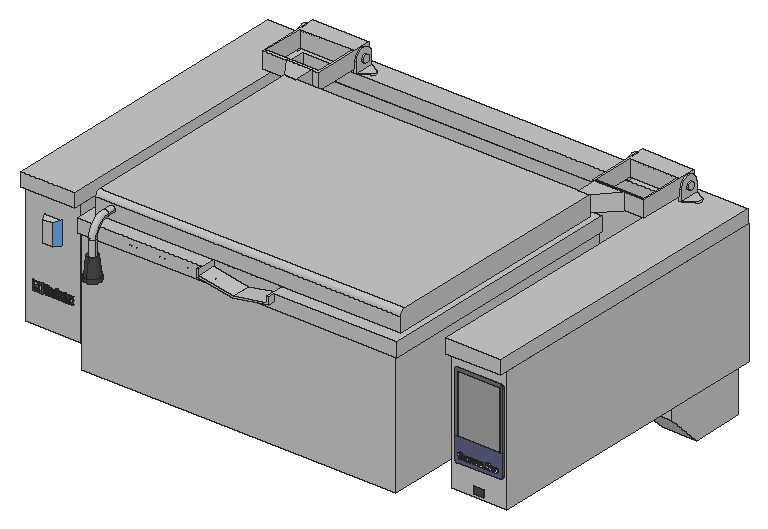
Revit family "QF_ELECTROLUXPROFESSIONAL_587129_PFET08EVIO", category Attrezzature speciali, Revit 2020
Family settings
  Quota connettore circolare = Usa diametro
  Tipo di parte = Normale
  Basato su piano di lavoro = No
  Sempre verticale = Sì
  Taglio con vuoti quando caricato = No
  Condiviso = No
  Punto di calcolo locali = No
Parameters (values of type "Standard")
  Weight = 240.00 kg
  Watts = 20600 W
  Volts = 440 V
  URL Manufacturer = "https://www.electroluxprofessional.com/"
  URL = "https://www.electroluxprofessional.com/"
  Steam Supply Size = 0 mm
  Steam Supply Minimum Pressure = 0.0 Pa
  Steam Supply Maximum Pressure = 0.0 Pa
  Steam Consumption per Hour = 0
  Refrigeration Suction Line Size = 0.0 mm
  Refrigeration Liquid Line Size = 0.0 mm
  Refrigerant Compressor Remote = yes
  Prospetto di default = 0.0 mm
  Produttore = "Electrolux Professional"
  Phase = 3
  Modello = "PFET08EVIO"
  Length Actual = 1400.0 mm  # constant formula
  Item Number = "587129"
  Hot Water Size = 12.7 mm
  Height Actual = 400.0 mm  # constant formula
  HP = "27.6 HP"
  Gas Size = 0 mm
  Gas KW = 0
  Gas Input Pressure = 0 W
  Direct Waste Size = 0 mm
  Descrizione = "ELECTRIC TILTING BRAISING PAN, 80LT,440V,WALL,MARINE"
  Depth Actual = 900.0 mm  # constant formula
  Cycle = 50 Hz
  Condensate Return Size = 0 mm
  Compressed Air Volume = 0.0 L/s
  Compressed Air Size = 0 mm
  Compressed Air Pressure = 0.0 Pa
  Cold Water Size = 12.7 mm
  Accessory = yes
Reference planes
  plane 1 "Center (Front/Back)": y = 0
  plane 2: z = 0
  plane 3 "Center (Left/Right)": x = 0
  plane 4 "LEFT": x = -700
  plane 5 "RIGHT": x = 700
  plane 6 "BACK": y = 450
  plane 7 "FRONT": y = -450
  plane 8 "Base": z = 200
  plane 9 "TOP": z = 900
  plane 10: x = -540
  plane 11: x = 540
  plane 12 "Axe_PentolaY": y = -230
  plane 13 "AxePentolaZ": z = 730
  plane 14 "PLANE_TOP": z = 860
  plane 15: y = 380
  plane 16: z = 833
  plane 17: z = 502
  plane 18: z = 340
  plane 19: y = -552
  plane 20 "CentroPentolaY": y = -158
  plane 21 "TopCoperchio": z = 958
  plane 22 "Versamento": z = 910
  plane 23 "V1": through (-107.18, -558, 4000) normal (-0.7071, -0.7071, 0)
  plane 24 "V2": through (107.18, -558, 4000) normal (-0.7071, 0.7071, 0)
  plane 25 "Gfront": y = -1300
  plane 26 "LEVEL": through (-245.562, -289.383, 4000) normal (0.866, 0.5, 0)
  plane 27 "GRight": x = 250
  plane 28 "GLeft": x = -250
  plane 29 "Gback": y = -100
  plane 30: z = 1867
  plane 31 "Ribaltamento": y = -572
  plane 32 "AxeL": x = -620
  plane 33 "AxeR": x = 620
  plane 34 "Pentola_Back": y = 208
  plane 35 "Pentola_L": x = -457.5
  plane 36 "Pentola_R": x = 457.5
  plane 37: x = -397.5
  plane 38 "axeC1": x = -480
  plane 39 "axeC2": x = 480
Forms (mm)
  Revolve 1, solid, material "QF_Finishes_Stainless Steel"
    sketch origin (0, 0, 730) x (-1, 0, 0) y (0, -1, 0)
      loop
        line (540, 230) -> (-540, 230) -> (-540, 140) -> (-530, 140) -> (-530, 173) -> (530, 173) -> (530, 140) -> (540, 140) -> (540, 230)
      axis (540, 230) -> (-540, 230)
    angle from 0 to 360
  Extrusion 2, solid, material "QF_Finishes_Stainless Steel"
    sketch origin (0, 0, 860) x (-1, 0, 0) y (0, -1, 0)
      loop
        line (700, 450) -> (540, 450) -> (540, -380) -> (-540, -380) -> (-540, 450) -> (-700, 450) -> (-700, -450) -> (700, -450) -> (700, 450)
    from 0 to 40
  Extrusion 3, solid, material "QF_Finishes_Stainless Steel"
    sketch origin (0, 0, 860) x (-1, 0, 0) y (0, -1, 0)
      loop
        line (540, -380) -> (-540, -380) -> (-540, -450) -> (540, -450) -> (540, -380)
    from 0 to -360
  Extrusion 4, solid, material "QF_Finishes_Stainless Steel"
    sketch origin (-480, 0, 0) x (0, 1, 0) y (0, 0, 1)
      loop
        line (433.242, 900) -> (433.242, 931.379)
        arc (433.242, 931.379) -> (406.621, 958) -> (380, 931.379) r 26.621
        line (380, 931.379) -> (380, 900) -> (433.242, 900)
    from 88 to 95
  Extrusion 5, solid, material "QF_Finishes_Stainless Steel"
    sketch origin (-380, 0, 900) x (0, 1, 0) y (-1, 0, 0)
      loop
        line (380, 5) -> (395.936, -24.185)
        arc (395.936, -24.185) -> (406.621, -30.525) -> (417.305, -24.185) r 12.174
        line (417.305, -24.185) -> (433.242, 5) -> (380, 5)
      loop
        line (395.936, 211.185) -> (380, 182) -> (433.242, 182) -> (417.305, 211.185)
        arc (417.305, 211.185) -> (406.621, 217.525) -> (395.936, 211.185) r 12.174
    from 0 to 3
  Extrusion 6, solid, material "QF_Finishes_Stainless Steel"
    sketch origin (0, 0, 0) x (0, 1, 0) y (0, 0, 1)
      loop
        line (208, 860) -> (-529, 860) -> (-529, 502) -> (208, 502) -> (208, 860)
    from -457.5 to 457.5
  Extrusion 7, solid, material "QF_Finishes_Stainless Steel"
    sketch origin (0, 0, 0) x (0, 1, 0) y (0, 0, 1)
      loop
        line (214, 860) -> (214, 900) -> (-535, 900) -> (-535, 860) -> (214, 860)
    from -463.5 to 463.5
  Extrusion 8, void
    sketch origin (0, -450, 0) x (-1, 0, 0) y (0, 0, 1)
      loop
        line (-100, 900) -> (-100, 883.556) -> (0, 865.085) -> (100, 883.556) -> (100, 900) -> (-100, 900)
    from -85 to -45
  Extrusion 9, solid, material "QF_Finishes_Stainless Steel"
    sketch origin (0, 0, 0) x (0, 1, 0) y (0, 0, 1)
      loop
        line (194, 958) -> (-480, 958)
        arc (-480, 958) -> (-490.607, 953.607) -> (-495, 943) r 15
        line (-495, 943) -> (-495, 900) -> (194, 900) -> (194, 958)
    from -443.5 to 443.5
  Extrusion 10, solid, material "QF_Finishes_Stainless Steel"
    sketch origin (0, -450, 0) x (-1, 0, 0) y (0, 0, 1)
      loop
        line (100, 883.556) -> (0, 865.085) -> (-100, 883.556) -> (-100, 900) -> (-105, 900) -> (-105, 879.395) -> (0, 860) -> (105, 879.395) -> (105, 900) -> (100, 900) -> (100, 883.556)
    from -102 to -79
  Extrusion 11, solid, material "QF_Finishes_Stainless Steel"
    sketch origin (-480, 0, 0) x (0, 1, 0) y (0, 0, 1)
      loop
        line (433.242, 900) -> (433.242, 931.379)
        arc (433.242, 931.379) -> (406.621, 958) -> (380, 931.379) r 26.621
        line (380, 931.379) -> (380, 900) -> (433.242, 900)
    from -82 to -75
  Extrusion 12, solid, material "QF_Finishes_Stainless Steel"
    sketch origin (0, 0, 900) x (0, 1, 0) y (-1, 0, 0)
      loop
        line (433.242, 392) -> (433.242, 555) -> (252, 555) -> (252, 392) -> (433.242, 392)
      loop
        line (257, 550) -> (257, 397) -> (380, 397) -> (380, 550) -> (257, 550)
    from 10 to 58
  Extrusion 13, solid, material "QF_Finishes_Stainless Steel"
    sketch origin (-480, 0, 0) x (0, 1, 0) y (0, 0, 1)
      loop
        circle (406.621, 931.379) r 10
    from 95 to 102.877
  Extrusion 14, solid, material "QF_Finishes_Stainless Steel"
    sketch origin (-480, 0, 0) x (0, 1, 0) y (0, 0, 1)
      loop
        circle (406.621, 931.379) r 10
    from -82 to -89
  Extrusion 15, solid, material "QF_Finishes_Stainless Steel"
    sketch origin (480, 0, 900) x (0, 1, 0) y (-1, 0, 0)
      loop
        arc (395.936, -111.185) -> (406.621, -117.525) -> (417.305, -111.185) r 12.174
        line (417.305, -111.185) -> (433.242, -82) -> (380, -82) -> (395.936, -111.185)
      loop
        line (395.936, 111.185) -> (380, 82) -> (433.242, 82) -> (417.305, 111.185)
        arc (417.305, 111.185) -> (406.621, 117.525) -> (395.936, 111.185) r 12.174
    from 0 to 3
  Extrusion 16, solid, material "QF_Finishes_Stainless Steel"
    sketch origin (480, 0, 0) x (0, 1, 0) y (0, 0, 1)
      loop
        circle (406.621, 931.379) r 10
    from 82 to 89
  Extrusion 17, solid, material "QF_Finishes_Stainless Steel"
    sketch origin (480, 0, 0) x (0, 1, 0) y (0, 0, 1)
      loop
        circle (406.621, 931.379) r 10
    from -82 to -89
  Extrusion 18, solid, material "QF_Finishes_Stainless Steel"
    sketch origin (0, 0, 900) x (0, 1, 0) y (-1, 0, 0)
      loop
        line (433.242, -405) -> (252, -405) -> (252, -555) -> (433.242, -555) -> (433.242, -405)
      loop
        line (257, -550) -> (380, -550) -> (380, -410) -> (257, -410) -> (257, -550)
    from 10 to 58
  Extrusion 19, solid, material "QF_Finishes_Stainless Steel"
    sketch origin (480, 0, 0) x (0, 1, 0) y (0, 0, 1)
      loop
        line (433.242, 900) -> (433.242, 931.379)
        arc (433.242, 931.379) -> (406.621, 958) -> (380, 931.379) r 26.621
        line (380, 931.379) -> (380, 900) -> (433.242, 900)
    from 75 to 82
  Extrusion 20, solid, material "QF_Finishes_Stainless Steel"
    sketch origin (480, 0, 0) x (0, 1, 0) y (0, 0, 1)
      loop
        line (433.242, 900) -> (433.242, 931.379)
        arc (433.242, 931.379) -> (406.621, 958) -> (380, 931.379) r 26.621
        line (380, 931.379) -> (380, 900) -> (433.242, 900)
    from -82 to -75
  Extrusion 21, solid, material "QF_Finishes_Stainless Steel"
    sketch origin (0, 0, 900) x (0, 1, 0) y (-1, 0, 0)
      loop
        line (252, 412.5) -> (252, 484.112) -> (194, 443.5) -> (194, 412.5) -> (252, 412.5)
      loop
        line (252, -412.5) -> (194, -412.5) -> (194, -443.5) -> (252, -497.112) -> (252, -412.5)
    from 10 to 58
  Extrusion 22, solid, material "QF_Door-Drawer Clearances", detail levels coarse
    sketch origin (0, 43.989, -0.088) x (0, 1, 0) y (0, 0, 1)
      loop
        arc (-592.39, 847.898) -> (-615.226, 709.247) -> (-572.989, 575.225) r 302.677
        line (-572.989, 575.225) -> (-572.989, 847.898) -> (-592.39, 847.898)
      loop
        line (376.001, 958) -> (148.958, 1805.334) -> (134.47, 1801.451) -> (130.784, 1815.206)
        arc (130.784, 1815.206) -> (105.783, 1852.623) -> (63.169, 1867.088) r 70
        arc (63.169, 1867.088) -> (-375.163, 1494.534) -> (-538.989, 943.088) r 1010.009
        arc (-538.989, 943.088) -> (-535.155, 953.104) -> (-525.613, 958) r 15
        line (-525.613, 958) -> (376.001, 958)
    from 105 to -105
Cuts and joins
  Extrusion 8 cuts Extrusion 7
  joined: Extrusion 7, Extrusion 10
Lines and regions (mm)
  symbolic lines
    curve 1: line (700, 450, 900) -> (-700, 450, 900)
    curve 2: line (700, -450, 900) -> (700, 450, 900)
    curve 3: line (-700, 450, 900) -> (-700, -450, 900)
    curve 4: line (-700, -450, 900) -> (-540, -450, 900)
    curve 5: line (-540, -450, 900) -> (-540, 252, 900)
    curve 6: line (540, -450, 900) -> (700, -450, 900)
    curve 7: line (530, -140, 900) -> (530, -320, 900)
    curve 8: line (-530, -140, 900) -> (-530, -320, 900)
    curve 9: line (-530, -140, 900) -> (-540, -140, 900)
    curve 10: line (-530, -320, 900) -> (-540, -320, 900)
    curve 11: line (530, -140, 900) -> (540, -140, 900)
    curve 12: line (530, -320, 900) -> (540, -320, 900)
    curve 18: line (562, 380, 900) -> (555, 380, 900)
    curve 19: line (-530, -172.761, 900) -> (-462.169, -172.761, 900)
    curve 20: line (-530, -286.868, 900) -> (-463.5, -286.868, 900)
    curve 21: line (530, -172.761, 900) -> (463.5, -172.761, 900)
    curve 22: line (530, -286.868, 900) -> (463.5, -286.868, 900)
    curve 45: line (-443.5, -495, 900) -> (443.5, -495, 900)
    curve 49: line (-555, 252, 900) -> (-392, 252, 900)
    curve 50: line (-484.112, 252, 900) -> (-443.5, 194, 900)
    curve 51: line (-397.5, 194, 900) -> (-397.5, 214, 900)
    curve 52: line (-392, 252, 900) -> (-392, 433.242, 900)
    curve 53: line (-397, 257, 900) -> (-550, 257, 900)
    curve 54: line (-555, 433.242, 900) -> (-555, 252, 900)
    curve 55: line (-550, 257, 900) -> (-550, 380, 900)
    curve 56: line (-397, 380, 900) -> (-397, 257, 900)
    curve 57: line (-385, 380, 900) -> (-385, 433.242, 900)
    curve 58: line (-385, 433.242, 900) -> (-562, 433.242, 900)
    curve 59: line (-569, 416.621, 900) -> (-569, 396.621, 900)
    curve 60: line (-591.185, 395.936, 900) -> (-562, 380, 900)
    curve 61: arc (-591.185, 417.305, 900) -> (-597.525, 406.621, 900) -> (-591.185, 395.936, 900) r 12.174
    curve 62: line (-562, 433.242, 900) -> (-591.185, 417.305, 900)
    curve 63: line (-562, 433.242, 900) -> (-562, 380, 900)
    curve 64: arc (591.185, 395.936, 900) -> (597.525, 406.621, 900) -> (591.185, 417.305, 900) r 12.174
    curve 65: line (562, 380, 900) -> (591.185, 395.936, 900)
    curve 66: line (591.185, 417.305, 900) -> (562, 433.242, 900)
    curve 67: line (562, 380, 900) -> (562, 433.242, 900)
    curve 68: line (569, 396.621, 900) -> (569, 416.621, 900)
    curve 69: line (555, 252, 900) -> (555, 380, 900)
    curve 70: line (550, 380, 900) -> (550, 257, 900)
    curve 71: line (410, 257, 900) -> (410, 380, 900)
    curve 72: line (405, 433.242, 900) -> (405, 380, 900)
    curve 73: line (550, 257, 900) -> (410, 257, 900)
    curve 74: line (555, 252, 900) -> (405, 252, 900)
    curve 75: line (368.815, 395.936, 900) -> (398, 380, 900)
    curve 76: line (398, 433.242, 900) -> (368.815, 417.305, 900)
    curve 77: arc (368.815, 417.305, 900) -> (362.475, 406.621, 900) -> (368.815, 395.936, 900) r 12.174
    curve 78: line (391, 416.621, 900) -> (391, 396.621, 900)
    curve 79: line (398, 433.242, 900) -> (398, 380, 900)
    curve 80: line (443.5, 194, 900) -> (497.112, 252, 900)
    curve 81: line (-412.5, 194, 900) -> (-412.5, 252, 900)
    curve 82: line (-457.504, 214, 900) -> (-463.5, 214, 900)
    curve 83: line (412.5, 214, 900) -> (-412.5, 214, 900)
    curve 84: line (-569, 416.621, 900) -> (-562, 416.621, 900)
    curve 85: line (-569, 396.621, 900) -> (-562, 396.621, 900)
    curve 86: line (-377.123, 416.621, 900) -> (-385, 416.621, 900)
    curve 87: line (-377.123, 396.621, 900) -> (-385, 396.621, 900)
    curve 88: line (391, 396.621, 900) -> (398, 396.621, 900)
    curve 89: line (391, 416.621, 900) -> (398, 416.621, 900)
    curve 90: line (569, 416.621, 900) -> (562, 416.621, 900)
    curve 91: line (569, 396.621, 900) -> (562, 396.621, 900)
    curve 92: line (398, 433.242, 900) -> (562, 433.242, 900)
    curve 93: line (-550, 380, 900) -> (-397, 380, 900)
    curve 94: line (405, 380, 900) -> (405, 252, 900)
    curve 95: line (405, 380, 900) -> (-392, 380, 900)
    curve 96: line (550, 380, 900) -> (410, 380, 900)
    curve 97: line (555, 380, 900) -> (555, 433.242, 900)
    curve 98: line (540, 252, 900) -> (540, -450, 900)
    curve 99: line (-562, 380, 900) -> (-555, 380, 900)
    curve 100: line (-377.123, 416.621, 900) -> (-377.123, 396.621, 900)
    curve 101: line (-385, 380, 900) -> (-355.815, 395.936, 900)
    curve 102: arc (-355.815, 395.936, 900) -> (-349.475, 406.621, 900) -> (-355.815, 417.305, 900) r 12.174
    curve 103: line (-355.815, 417.305, 900) -> (-385, 433.242, 900)
    curve 104: line (412.5, 194, 900) -> (412.5, 252, 900)
    curve 105: line (-463.5, 214, 900) -> (-463.5, -535, 900)
    curve 106: line (-463.5, -535, 900) -> (-406.5, -535, 900)
    curve 107: line (-388.5, -535, 900) -> (-105, -535, 900)
    curve 108: line (105, -535, 900) -> (463.5, -535, 900)
    curve 109: line (463.5, -535, 900) -> (463.5, 214, 900)
  symbolic lines, style "SpecialityEquipmentHiddenLines"
    curve 13: line (-250, -1300, 900) -> (250, -1300, 900)
    curve 14: line (-250, -100, 900) -> (-250, -1300, 900)
    curve 15: line (250, -100, 900) -> (-250, -100, 900)
    curve 16: line (250, -1300, 900) -> (250, -100, 900)
    curve 39: line (0, -1165.484, 900) -> (0, -1135.484, 900)
    curve 40: line (-15, -1150.484, 900) -> (15, -1150.484, 900)
  symbolic lines, style "SpecialityEquipment"
    curve 17: circle (0, -1150.484, 900) r 15 normal (0, 0, 1)
    curve 23: line (210, -1300, 900) -> (210, -1100, 900)
    curve 24: line (170, -1300, 900) -> (170, -1140, 900)
    curve 25: line (130, -1300, 900) -> (130, -1180, 900)
    curve 26: line (90, -1300, 900) -> (90, -1220, 900)
    curve 27: line (90, -1260, 900) -> (250, -1260, 900)
    curve 28: line (130, -1220, 900) -> (250, -1220, 900)
    curve 29: line (170, -1180, 900) -> (250, -1180, 900)
    curve 30: line (210, -1140, 900) -> (250, -1140, 900)
    curve 31: line (-210, -1300, 900) -> (-210, -1100, 900)
    curve 32: line (-170, -1300, 900) -> (-170, -1140, 900)
    curve 33: line (-130, -1300, 900) -> (-130, -1180, 900)
    curve 34: line (-90, -1300, 900) -> (-90, -1220, 900)
    curve 35: line (-90, -1260, 900) -> (-250, -1260, 900)
    curve 36: line (-130, -1220, 900) -> (-250, -1220, 900)
    curve 37: line (-170, -1180, 900) -> (-250, -1180, 900)
    curve 38: line (-210, -1140, 900) -> (-250, -1140, 900)
    curve 41: line (-443.5, 194, 900) -> (-443.5, -495, 900)
    curve 42: line (443.5, -495, 900) -> (443.5, 194, 900)
    curve 43: line (443.5, 194, 900) -> (-443.5, 194, 900)
    curve 44: line (463.5, 214, 900) -> (461.987, 214, 900)
    curve 46: line (-105, -552, 900) -> (105, -552, 900)
    curve 47: line (105, -552, 900) -> (105, -495, 900)
    curve 48: line (-105, -495, 900) -> (-105, -552, 900)
Dimensions and locks
  plane 4 "LEFT" to plane 5 "RIGHT" = 1400.0 mm
  equal spacing: plane 4 "LEFT", plane 3 "Center (Left/Right)", plane 5 "RIGHT"
  equal spacing: plane 6 "BACK", plane 1 "Center (Front/Back)", plane 7 "FRONT"
  plane 6 "BACK" to plane 7 "FRONT" = 900.0 mm
  plane 8 "Base" to level = 200.0 mm
  plane 9 "TOP" to level = 900.0 mm
  plane 9 "TOP" to plane 8 "Base" = 700.0 mm
  locked: plane 4 "LEFT" to plane 10 at 160
  locked: plane 11 to plane 5 "RIGHT" at 160
  locked: plane 6 "BACK" to plane 12 "Axe_PentolaY" at 680
  locked: plane 13 "AxePentolaZ" to plane 8 "Base" at 530
  locked: Revolve 1 sketch curve to Revolve 1 sketch curve at 57
  locked: Revolve 1 sketch curve to Revolve 1 sketch curve at 90
  locked: plane 10 to Revolve 1 sketch curve at 10
  locked: Revolve 1 sketch curve to plane 11 at 10
  locked: plane 9 "TOP" to plane 14 "PLANE_TOP" at 40
  plane 6 "BACK" to plane 15 = 70.0 mm
  locked: plane 16 to plane 13 "AxePentolaZ" at 103
  locked: plane 13 "AxePentolaZ" to plane 17 at 228
  locked: plane 17 to plane 18 at 162
  plane 6 "BACK" to plane 19 = 1002.0 mm
  locked: plane 6 "BACK" to plane 20 "CentroPentolaY" at 608
  locked: plane 21 "TopCoperchio" to plane 9 "TOP" at 58
  locked: plane 22 "Versamento" to level at 910
  plane 6 "BACK" to plane 25 "Gfront" = 1750.0 mm
  locked: plane 28 "GLeft" to plane 3 "Center (Left/Right)" at 250
  locked: plane 3 "Center (Left/Right)" to plane 27 "GRight" at 250
  plane 6 "BACK" to plane 29 "Gback" = 550.0 mm
  plane 30 to plane 9 "TOP" = 967.0 mm
  plane 6 "BACK" to plane 31 "Ribaltamento" = 1022.0 mm
  equal spacing: plane 10, plane 32 "AxeL", plane 4 "LEFT"
  equal spacing: plane 5 "RIGHT", plane 33 "AxeR", plane 11
  locked: plane 36 "Pentola_R" to plane 35 "Pentola_L" at 915
  equal spacing: plane 36 "Pentola_R", plane 3 "Center (Left/Right)", plane 35 "Pentola_L"
  locked: Extrusion 7 sketch curve to plane 34 "Pentola_Back" at 6
  plane 34 "Pentola_Back" to plane 12 "Axe_PentolaY" = 438.0 mm
  locked: plane 37 to plane 35 "Pentola_L" at 60
  plane 4 "LEFT" to plane 38 "axeC1" = 220.0 mm
  plane 39 "axeC2" to plane 5 "RIGHT" = 220.0 mm
  locked: cut or joined group of Extrusion 7, Extrusion 8, Extrusion 10 to plane 36 "Pentola_R" at 6
  locked: plane 35 "Pentola_L" to cut or joined group of Extrusion 7, Extrusion 8, Extrusion 10 at 6
  locked: Extrusion 9 to plane 35 "Pentola_L" at 14
  locked: plane 36 "Pentola_R" to Extrusion 9 at 14
  aligned and locked: level to plane 2
  aligned and locked: plane 5 "RIGHT" to nested 2
  aligned and locked: plane 4 "LEFT" to nested 1
  aligned and locked: plane 6 "BACK" to nested 2
  aligned and locked: plane 10 to Revolve 1 sketch curve
  aligned and locked: plane 11 to Revolve 1 sketch curve
  aligned and locked: plane 4 "LEFT" to Extrusion 2 sketch curve
  aligned and locked: Extrusion 2 sketch curve to plane 10
  aligned and locked: plane 7 "FRONT" to Extrusion 2 sketch curve  (x2)
  aligned and locked: Extrusion 2 sketch curve to plane 5 "RIGHT"
  aligned and locked: plane 11 to Extrusion 2 sketch curve
  aligned and locked: Extrusion 2 sketch curve to plane 6 "BACK"
  aligned and locked: plane 15 to Extrusion 2 sketch curve
  aligned and locked: Extrusion 3 sketch curve to plane 10
  aligned and locked: plane 6 "BACK" to Extrusion 3 sketch curve
  aligned and locked: plane 11 to Extrusion 3 sketch curve
  aligned and locked: Extrusion 3 sketch curve to plane 15
  aligned and locked: curve 13 to plane 25 "Gfront"
  aligned and locked: curve 14 to plane 28 "GLeft"
  aligned and locked: plane 27 "GRight" to curve 16
  aligned and locked: plane 29 "Gback" to curve 15
  aligned and locked: plane 17 to Extrusion 6 sketch curve
  aligned and locked: plane 9 "TOP" to Extrusion 7 sketch curve
  aligned and locked: Extrusion 6 to plane 35 "Pentola_L"
  aligned and locked: plane 36 "Pentola_R" to Extrusion 6
  aligned and locked: plane 37 to nested 3
Automatic sketch dimensions
  plane 12 "Axe_PentolaY" to Revolve 1 sketch curve = 0.0 mm
  Revolve 1 sketch curve to plane 12 "Axe_PentolaY" = 0.0 mm
  plane 20 "CentroPentolaY" to Revolve 1 sketch curve = 18.0 mm
  plane 5 "RIGHT" to Revolve 1 sketch curve = 432.098 mm
  Revolve 1 sketch curve to plane 4 "LEFT" = 580.148 mm
  Extrusion 4 sketch curve to plane 9 "TOP" = 0.0 mm
  Extrusion 4 sketch curve to plane 15 = 0.0 mm
  plane 15 to Extrusion 4 sketch curve = 26.621 mm
  plane 22 "Versamento" to Extrusion 4 sketch curve = 21.379 mm
  plane 16 to Extrusion 6 sketch curve = 27.0 mm
  Extrusion 6 sketch curve to plane 34 "Pentola_Back" = 0.0 mm
  Extrusion 6 sketch curve to plane 7 "FRONT" = 79.0 mm
  Extrusion 7 sketch curve to plane 7 "FRONT" = 85.0 mm
  Extrusion 9 sketch curve to plane 9 "TOP" = 0.0 mm
  Extrusion 9 sketch curve to plane 7 "FRONT" = 45.0 mm
  Extrusion 9 sketch curve to Extrusion 9 sketch curve = 15.0 mm
  Extrusion 9 sketch curve to plane 34 "Pentola_Back" = 14.0 mm
  Extrusion 11 sketch curve to plane 9 "TOP" = 0.0 mm
  Extrusion 11 sketch curve to plane 15 = 0.0 mm
  plane 15 to Extrusion 11 sketch curve = 26.621 mm
  plane 22 "Versamento" to Extrusion 11 sketch curve = 21.379 mm
  Extrusion 12 sketch curve to plane 15 = 0.0 mm
  plane 37 to Extrusion 12 sketch curve = 0.5 mm
  plane 34 "Pentola_Back" to Extrusion 12 sketch curve = 49.0 mm
  Extrusion 12 sketch curve to Extrusion 12 sketch curve = 5.0 mm
  Extrusion 12 sketch curve to plane 6 "BACK" = 16.758 mm
  plane 37 to Extrusion 12 sketch curve = 5.5 mm
  Extrusion 12 sketch curve to plane 10 = 10.0 mm
  Extrusion 12 sketch curve to plane 10 = 15.0 mm
  plane 15 to Extrusion 13 sketch curve = 26.621 mm
  plane 22 "Versamento" to Extrusion 13 sketch curve = 21.379 mm
  plane 15 to Extrusion 14 sketch curve = 26.621 mm
  plane 22 "Versamento" to Extrusion 14 sketch curve = 21.379 mm
  Extrusion 15 sketch curve to plane 15 = 0.0 mm  (x2)
  plane 15 to Extrusion 15 sketch curve = 15.936 mm  (x2)
  Extrusion 15 sketch curve to Extrusion 15 sketch curve = 10.684 mm  (x4)
  plane 27 "GRight" to Extrusion 15 sketch curve = 118.815 mm
  Extrusion 15 sketch curve to plane 6 "BACK" = 16.758 mm  (x2)
  Extrusion 15 sketch curve to Extrusion 15 sketch curve = 5.834 mm  (x2)
  Extrusion 15 sketch curve to Extrusion 15 sketch curve = 29.185 mm
  plane 11 to Extrusion 15 sketch curve = 22.0 mm
  Extrusion 15 sketch curve to plane 33 "AxeR" = 34.649 mm
  plane 15 to Extrusion 16 sketch curve = 26.621 mm
  plane 22 "Versamento" to Extrusion 16 sketch curve = 21.379 mm
  plane 15 to Extrusion 17 sketch curve = 26.621 mm
  plane 22 "Versamento" to Extrusion 17 sketch curve = 21.379 mm
  Extrusion 18 sketch curve to plane 15 = 0.0 mm
  Extrusion 18 sketch curve to plane 34 "Pentola_Back" = 49.0 mm
  Extrusion 18 sketch curve to Extrusion 18 sketch curve = 5.0 mm  (x2)
  plane 6 "BACK" to Extrusion 18 sketch curve = 16.758 mm
  Extrusion 18 sketch curve to plane 27 "GRight" = 155.0 mm
  Extrusion 18 sketch curve to plane 11 = 10.0 mm
  Extrusion 18 sketch curve to plane 11 = 15.0 mm
  Extrusion 19 sketch curve to plane 9 "TOP" = 0.0 mm
  Extrusion 19 sketch curve to plane 15 = 0.0 mm
  Extrusion 19 sketch curve to Extrusion 19 sketch curve = 26.621 mm
  plane 22 "Versamento" to Extrusion 19 sketch curve = 21.379 mm
  Extrusion 20 sketch curve to plane 9 "TOP" = 0.0 mm
  Extrusion 20 sketch curve to plane 15 = 0.0 mm
  Extrusion 20 sketch curve to Extrusion 20 sketch curve = 26.621 mm
  plane 22 "Versamento" to Extrusion 20 sketch curve = 21.379 mm
  Extrusion 9 sketch curve to plane 21 "TopCoperchio" = 0.0 mm
  plane 16 to Extrusion 7 sketch curve = 27.0 mm
  Extrusion 5 sketch curve to plane 15 = 0.0 mm  (x2)
  plane 15 to Extrusion 5 sketch curve = 15.936 mm  (x2)
  Extrusion 5 sketch curve to Extrusion 5 sketch curve = 10.684 mm  (x4)
  Extrusion 5 sketch curve to plane 6 "BACK" = 16.758 mm  (x2)
  plane 37 to Extrusion 5 sketch curve = 41.685 mm
  Extrusion 5 sketch curve to Extrusion 5 sketch curve = 5.834 mm  (x2)
  Extrusion 5 sketch curve to plane 10 = 22.0 mm
  plane 32 "AxeL" to Extrusion 5 sketch curve = 34.649 mm
  plane 37 to Extrusion 5 sketch curve = 12.5 mm
  Extrusion 21 sketch curve to plane 34 "Pentola_Back" = 14.0 mm  (x2)
  Extrusion 21 sketch curve to plane 38 "axeC1" = 4.112 mm
  plane 34 "Pentola_Back" to Extrusion 21 sketch curve = 44.0 mm  (x2)
  plane 35 "Pentola_L" to Extrusion 21 sketch curve = 14.0 mm
  Extrusion 21 sketch curve to plane 37 = 15.0 mm
  Extrusion 21 sketch curve to plane 36 "Pentola_R" = 45.0 mm
  Extrusion 21 sketch curve to plane 36 "Pentola_R" = 14.0 mm
  plane 39 "axeC2" to Extrusion 21 sketch curve = 17.112 mm
  Extrusion 22 sketch curve to plane 30 = 0.0 mm
  plane 19 to Extrusion 22 sketch curve = 3.599 mm
  plane 19 to Extrusion 22 sketch curve = 23.0 mm
  Extrusion 22 sketch curve to plane 7 "FRONT" = 30.0 mm
  plane 13 "AxePentolaZ" to Extrusion 22 sketch curve = 0.64 mm
  Extrusion 22 sketch curve to plane 12 "Axe_PentolaY" = 39.323 mm
  Extrusion 22 sketch curve to plane 34 "Pentola_Back" = 33.227 mm
  Extrusion 22 sketch curve to Extrusion 22 sketch curve = 3.685 mm
  Extrusion 22 sketch curve to Extrusion 22 sketch curve = 14.489 mm
  Extrusion 22 sketch curve to plane 21 "TopCoperchio" = 0.088 mm
  Extrusion 22 sketch curve to plane 6 "BACK" = 30.01 mm
  Extrusion 22 sketch curve to plane 21 "TopCoperchio" = 15.0 mm
  plane 6 "BACK" to Extrusion 22 sketch curve = 65.009 mm
  plane 17 to Extrusion 22 sketch curve = 73.137 mm
  Extrusion 22 sketch curve to plane 30 = 70.0 mm
  Extrusion 22 sketch curve to Extrusion 22 sketch curve = 0.0 mm
  Extrusion 22 sketch curve to Extrusion 22 sketch curve = 1.624 mm
  curve 39 to plane 3 "Center (Left/Right)" = 0.0 mm
  curve 17 to plane 3 "Center (Left/Right)" = 0.0 mm
  curve 48 to plane 19 = 0.0 mm
  curve 6 to plane 5 "RIGHT" = 0.0 mm
  curve 6 to plane 7 "FRONT" = 0.0 mm
  curve 4 to plane 7 "FRONT" = 0.0 mm
  curve 10 to plane 10 = 0.0 mm
  curve 12 to plane 11 = 0.0 mm
  curve 51 to plane 37 = 0.0 mm
  curve 75 to plane 15 = 0.0 mm
  curve 18 to plane 15 = 0.0 mm
  curve 93 to plane 15 = 0.0 mm
  curve 99 to plane 15 = 0.0 mm
  curve 70 to plane 15 = 0.0 mm
  curve 2 to plane 6 "BACK" = 0.0 mm
  curve 3 to plane 4 "LEFT" = 0.0 mm
  plane 25 "Gfront" to curve 17 = 149.516 mm
  plane 19 to curve 105 = 17.0 mm
  plane 36 "Pentola_R" to curve 108 = 6.0 mm
  plane 19 to curve 108 = 17.0 mm
  curve 45 to plane 36 "Pentola_R" = 14.0 mm
  curve 108 to curve 45 = 40.0 mm
  plane 10 to curve 10 = 10.0 mm
  curve 10 to plane 12 "Axe_PentolaY" = 90.0 mm
  curve 7 to plane 11 = 10.0 mm
  curve 7 to plane 12 "Axe_PentolaY" = 90.0 mm
  plane 20 "CentroPentolaY" to curve 11 = 18.0 mm
  plane 20 "CentroPentolaY" to curve 8 = 18.0 mm
  curve 43 to plane 34 "Pentola_Back" = 14.0 mm
  plane 34 "Pentola_Back" to curve 82 = 6.0 mm
  plane 34 "Pentola_Back" to curve 44 = 6.0 mm
  plane 11 to curve 74 = 15.0 mm
  plane 34 "Pentola_Back" to curve 74 = 44.0 mm
  curve 54 to plane 10 = 15.0 mm
  plane 34 "Pentola_Back" to curve 54 = 44.0 mm
  curve 49 to curve 53 = 5.0 mm
  curve 104 to curve 73 = 5.0 mm
  plane 15 to curve 60 = 15.936 mm
  plane 15 to curve 75 = 15.936 mm
  plane 15 to curve 65 = 15.936 mm
  plane 15 to curve 101 = 15.936 mm
  plane 15 to curve 88 = 16.621 mm
  plane 15 to curve 59 = 16.621 mm
  plane 15 to curve 68 = 16.621 mm
  plane 15 to curve 100 = 16.621 mm
  curve 77 to curve 77 = 10.684 mm
  curve 60 to curve 61 = 10.684 mm
  curve 102 to curve 102 = 10.684 mm
  curve 64 to curve 64 = 10.684 mm
  curve 102 to curve 86 = 10.0 mm
  curve 64 to curve 90 = 10.0 mm
  curve 61 to curve 84 = 10.0 mm
  curve 77 to curve 89 = 10.0 mm
  curve 61 to curve 62 = 10.684 mm
  curve 77 to curve 76 = 10.684 mm
  curve 64 to curve 66 = 10.684 mm
  curve 102 to curve 103 = 10.684 mm
  curve 86 to curve 58 = 16.621 mm
  curve 90 to curve 92 = 16.621 mm
  curve 65 to plane 33 "AxeR" = 28.815 mm
  curve 64 to curve 64 = 5.834 mm
  curve 64 to curve 68 = 16.351 mm
  curve 68 to curve 66 = 7.0 mm
  curve 18 to curve 96 = 5.0 mm
  curve 73 to plane 36 "Pentola_R" = 47.5 mm
  curve 71 to curve 95 = 5.0 mm
  curve 94 to curve 79 = 7.0 mm
  curve 89 to curve 78 = 7.0 mm
  curve 78 to curve 77 = 16.351 mm
  curve 77 to curve 76 = 5.834 mm
  plane 3 "Center (Left/Right)" to curve 46 = 105.0 mm
  curve 48 to plane 3 "Center (Left/Right)" = 105.0 mm
  plane 37 to curve 101 = 41.685 mm
  curve 103 to curve 102 = 5.834 mm
  curve 102 to curve 86 = 15.475 mm
  plane 37 to curve 57 = 12.5 mm
  plane 37 to curve 49 = 5.5 mm
  plane 37 to curve 93 = 0.5 mm
  plane 35 "Pentola_L" to curve 45 = 14.0 mm
  curve 53 to curve 49 = 5.0 mm
  curve 99 to curve 63 = 7.0 mm
  curve 85 to curve 85 = 7.0 mm
  curve 59 to curve 61 = 16.351 mm
  curve 61 to curve 62 = 5.834 mm
  curve 26 to curve 27 = 40.0 mm
  curve 13 to curve 35 = 40.0 mm
  curve 27 to curve 28 = 40.0 mm
  curve 26 to curve 28 = 0.0 mm
  curve 35 to curve 36 = 40.0 mm
  curve 36 to curve 34 = 0.0 mm
  curve 36 to curve 37 = 40.0 mm
  curve 37 to curve 33 = 0.0 mm
  curve 28 to curve 29 = 40.0 mm
  curve 25 to curve 29 = 0.0 mm
  curve 39 to curve 17 = 15.0 mm
  curve 17 to curve 40 = 0.0 mm
  curve 37 to curve 32 = 40.0 mm
  curve 29 to curve 24 = 40.0 mm
  curve 37 to curve 38 = 40.0 mm
  curve 24 to curve 30 = 0.0 mm
  curve 38 to curve 31 = 40.0 mm
  curve 30 to curve 23 = 40.0 mm
  curve 46 to curve 107 = 17.0 mm
  curve 8 to curve 20 = 33.132 mm
  curve 22 to plane 12 "Axe_PentolaY" = 56.868 mm
  curve 19 to plane 35 "Pentola_L" = 4.669 mm
  curve 19 to plane 20 "CentroPentolaY" = 14.761 mm
  curve 21 to plane 20 "CentroPentolaY" = 14.761 mm
  plane 34 "Pentola_Back" to curve 51 = 6.0 mm
  curve 97 to curve 18 = 0.0 mm
  plane 39 "axeC2" to curve 80 = 17.112 mm
  curve 42 to curve 104 = 31.0 mm
  curve 72 to curve 94 = 0.0 mm
  curve 75 to curve 79 = 0.0 mm
  curve 23 to plane 27 "GRight" = 40.0 mm
  curve 30 to curve 29 = 40.0 mm
  curve 29 to curve 28 = 40.0 mm
  curve 28 to curve 26 = 40.0 mm
  curve 34 to plane 3 "Center (Left/Right)" = 90.0 mm
  curve 34 to curve 36 = 40.0 mm
  curve 33 to curve 32 = 40.0 mm
  curve 38 to curve 38 = 40.0 mm
  plane 37 to curve 107 = 9.0 mm
  curve 106 to plane 37 = 9.0 mm
  curve 81 to plane 37 = 15.0 mm
  curve 82 to plane 35 "Pentola_L" = 0.004 mm
  curve 20 to plane 35 "Pentola_L" = 6.0 mm
  Extrusion 8 sketch curve to plane 9 "TOP" = 0.0 mm
  Extrusion 8 sketch curve to plane 3 "Center (Left/Right)" = 0.0 mm
  Extrusion 8 sketch curve to plane 3 "Center (Left/Right)" = 100.0 mm
  Extrusion 8 sketch curve to plane 9 "TOP" = 16.444 mm  (x2)
  plane 3 "Center (Left/Right)" to Extrusion 8 sketch curve = 100.0 mm
  plane 14 "PLANE_TOP" to Extrusion 8 sketch curve = 5.085 mm
  Extrusion 10 sketch curve to plane 9 "TOP" = 0.0 mm  (x2)
  Extrusion 10 sketch curve to plane 3 "Center (Left/Right)" = 0.0 mm  (x2)
  Extrusion 10 sketch curve to plane 14 "PLANE_TOP" = 0.0 mm
  Extrusion 10 sketch curve to plane 9 "TOP" = 16.444 mm
  plane 3 "Center (Left/Right)" to Extrusion 10 sketch curve = 100.0 mm
  Extrusion 10 sketch curve to Extrusion 10 sketch curve = 5.0 mm  (x2)
  Extrusion 10 sketch curve to plane 3 "Center (Left/Right)" = 100.0 mm
  Extrusion 10 sketch curve to Extrusion 10 sketch curve = 5.085 mm
  plane 14 "PLANE_TOP" to Extrusion 10 sketch curve = 19.395 mm
  Extrusion 10 sketch curve to Extrusion 10 sketch curve = 4.161 mm  (x2)
  radius of Extrusion 13 sketch curve = 10.0 mm
  radius of Extrusion 14 sketch curve = 10.0 mm
  radius of Extrusion 16 sketch curve = 10.0 mm
  radius of Extrusion 17 sketch curve = 10.0 mm
Nested families
  nested 1: "QF_ELECTROLUXPROFESSIONAL_PBOT900H400_LEFT" at (-620, 0, 0), type "QF_ELECTROLUXPROFESSIONAL_PBOT900H400_LEFT"
    with Body Finish QF_Finishes_Stainless Steel
  nested 2: "QF_ELECTROLUXPROFESSIONAL_PBOT900H400_RIGHT" at (620, 0, 0), type "QF_ELECTROLUXPROFESSIONAL_PBOT900H400_RIGHT"
    with Body Finish QF_Finishes_Stainless Steel
  nested 3: "QF_ELECTROLUXPROFESSIONAL_PFET900_LEVEL2" at (-397.5, -495, 927.803), type "QF_ELECTROLUXPROFESSIONAL_PFET900_LEVEL2"
Connectors
  piping at (-650, 453, 395), diameter 12.7, driven by "Hot Water Size"
    settings: on nested 1, index 1, connector inside diameter 609.6 mm, connector length 0.0 mm, flow factor 0, pipe flow 0.0 L/s, pressure drop 0.0 Pa, fitting loss kfactor 0, connector angle 0.00°, fixture units 0, engagement length 0.0 mm, angle of deflection 0.00°, flow configuration 1, flow direction 1, fitting loss method 0, system type 19, joint type 0, gender type 0, connector reference index -1, connector utility 0, adjustable connector no, is connector primary yes, connector description "Hot Water Inlet"
  piping at (-590, 453, 395), diameter 12.7, driven by "Cold Water Size"
    settings: on nested 1, index 2, connector inside diameter 609.6 mm, connector length 0.0 mm, flow factor 0, pipe flow 0.0 L/s, pressure drop 0.0 Pa, fitting loss kfactor 0, connector angle 0.00°, fixture units 0, engagement length 0.0 mm, angle of deflection 0.00°, flow configuration 1, flow direction 1, fitting loss method 0, system type 20, joint type 0, gender type 0, connector reference index -1, connector utility 0, adjustable connector no, is connector primary no, connector description "Cold Water Inlet"
  electrical at (620, 450, 450), driven by "Volts"
    settings: on nested 2, index 3, voltage 440 V, apparent load 0 VA, apparent load phase1 0 VA, apparent load phase2 0 VA, apparent load phase3 0 VA, power factor 1, load classification "Other", number of poles 1, system type 30, power factor state 1, is connector primary yes, connector utility no, sub classification motor no, connector description "Electrical Connection"
Definition of nested family "QF_ELECTROLUXPROFESSIONAL_PBOT900H400_LEFT"
  Parameters
    Width = 160.0 mm
    Right = Width / 2  # 80.0 mm
    Default Elevation = 0.0 mm
    Left = -Width / 2  # -80.0 mm
    Htop = 40.0 mm
    Height = 900.0 mm
    HW_CW_y = 312.0 mm
    HW_CW_Border = 50.0 mm
    HBase = 200.0 mm
    Depth = 900.0 mm
    BorderFront = 20.0 mm
    Body Finish [instance] = none
  Reference planes
    plane 1 "Center (Front/Back)": y = 0
    plane 2: z = 0
    plane 3 "Center (Left/Right)": x = 0
    plane 4 "LEFT": x = -80
    plane 5 "RIGHT": x = 80
    plane 6 "BACK": y = 450
    plane 7 "FRONT": y = -450
    plane 8 "TOP": z = 900
    plane 9 "BorderFront": y = -430
    plane 10: z = 860
    plane 11: x = -30
    plane 12: x = 30
    plane 13: z = 500
    plane 14 "Base": z = 350
    plane 15: y = 210
    plane 16: x = 20
    plane 17: z = 800
    plane 18: z = 525
  Forms (mm)
    Extrusion 1, solid
      sketch origin (0, 0, 0) x (1, 0, 0) y (0, 1, 0)
        loop
          line (-80, 450) -> (-80, -430) -> (80, -430) -> (80, 450) -> (-80, 450)
      from 860 to 500
    Extrusion 2, solid, material <- "Body Finish"
      sketch origin (0, 450, 0) x (-1, 0, 0) y (0, 0, 1)
        loop
          circle (30, 395) r 6.35
        loop
          circle (-30, 395) r 6.35
      from 3 to 0
    Blend 3, solid, material <- "Body Finish"
      base sketch origin (0, -430, -0.233) x (-1, 0, 0) y (0, 0, 1)
        loop
          line (23.5, 800.233) -> (-23.5, 800.233) -> (-23.5, 733.433) -> (23.5, 733.433) -> (23.5, 800.233)
      top sketch origin (0, -430, -0.233) x (-1, 0, 0) y (0, 0, 1)
        loop
          line (13.448, 797.45) -> (-13.448, 797.45) -> (-13.448, 736.216) -> (13.448, 736.216) -> (13.448, 797.45)
      from 0 to -20
    Extrusion 4, solid
      sketch origin (-12.54, -430, 23) x (-1, 0, 0) y (0, 0, 1)
        loop
          line (5.327, 593.058) -> (5.327, 590.846) -> (11.437, 590.846) -> (11.437, 587.616) -> (5.692, 587.616) -> (5.692, 585.398) -> (11.437, 585.398) -> (11.437, 583.444)
          arc (11.437, 583.444) -> (10.839, 582.088) -> (9.435, 581.614) r 1.838
          line (9.435, 581.614) -> (5.163, 581.614) -> (5.163, 579.403) -> (9.986, 579.403)
          arc (9.986, 579.403) -> (12.674, 580.517) -> (13.788, 583.205) r 3.802
          line (13.788, 583.205) -> (13.788, 593.058) -> (5.327, 593.058)
        loop
          line (3.492, 593.058) -> (1.141, 593.058) -> (1.141, 579.403) -> (3.492, 579.403) -> (3.492, 593.058)
        loop
          line (-47.588, 593.058) -> (-49.941, 593.058) -> (-49.941, 579.403) -> (-47.588, 579.403) -> (-47.588, 593.058)
        loop
          arc (-2.749, 583.764) -> (-3.194, 582.272) -> (-4.489, 581.409) r 2.29
          arc (-4.489, 581.409) -> (-6.614, 581.225) -> (-8.443, 582.322) r 3.458
          line (-8.443, 582.322) -> (-9.836, 580.928)
          arc (-9.836, 580.928) -> (-7.685, 579.48) -> (-5.119, 579.102) r 5.86
          arc (-5.119, 579.102) -> (-1.823, 580.467) -> (-0.457, 583.764) r 4.662
          arc (-0.457, 583.764) -> (-1.495, 587.706) -> (-5.131, 589.55) r 4.976
          arc (-5.131, 589.55) -> (-9.259, 588.004) -> (-10.466, 583.764) r 4.89
          line (-10.466, 583.764) -> (-2.749, 583.764)
        loop
          arc (-2.808, 585.417) -> (-3.843, 587.066) -> (-5.727, 587.557) r 2.64
          arc (-5.727, 587.557) -> (-7.36, 586.981) -> (-8.104, 585.417) r 2.256
          line (-8.104, 585.417) -> (-2.808, 585.417)
        loop
          arc (-19.634, 586.402) -> (-17.741, 587.437) -> (-15.609, 587.112) r 3.369
          arc (-15.609, 587.112) -> (-14.276, 585.699) -> (-14.118, 583.764) r 2.933
          arc (-14.118, 583.764) -> (-16.389, 581.316) -> (-19.559, 582.365) r 3.088
          line (-19.559, 582.365) -> (-21.028, 580.896)
          arc (-21.028, 580.896) -> (-14.811, 579.611) -> (-11.775, 585.186) r 5.33
          arc (-11.775, 585.186) -> (-13.576, 588.365) -> (-17.009, 589.62) r 5.293
          arc (-17.009, 589.62) -> (-19.259, 589.219) -> (-21.111, 587.878) r 5.117
          line (-21.111, 587.878) -> (-19.634, 586.402)
        loop
          line (-22.556, 593.058) -> (-24.908, 593.058) -> (-24.908, 589.279) -> (-27.044, 589.279) -> (-27.044, 587.143) -> (-24.908, 587.143) -> (-24.908, 583.764)
          arc (-24.908, 583.764) -> (-25.11, 582.682) -> (-25.866, 581.883) r 1.949
          arc (-25.866, 581.883) -> (-26.455, 581.649) -> (-27.088, 581.601) r 2.118
          line (-27.088, 581.601) -> (-27.088, 579.397)
          arc (-27.088, 579.397) -> (-24.962, 579.678) -> (-23.283, 581.013) r 4.018
          arc (-23.283, 581.013) -> (-22.759, 582.327) -> (-22.556, 583.727) r 6.031
          line (-22.556, 583.727) -> (-22.556, 593.058)
        loop
          line (-31.355, 584.595) -> (-31.355, 579.403) -> (-29.023, 579.403) -> (-29.023, 589.279) -> (-31.355, 589.279) -> (-31.355, 587.855)
          arc (-31.355, 587.855) -> (-32.932, 589.208) -> (-35.001, 589.403) r 3.432
          line (-35.001, 589.403) -> (-35.001, 587.143)
          arc (-35.001, 587.143) -> (-33.417, 587.175) -> (-32.009, 586.452) r 3.231
          arc (-32.009, 586.452) -> (-31.523, 585.579) -> (-31.355, 584.595) r 2.967
        loop
          circle (-40.752, 584.339) r 5.233
        loop
          circle (-40.752, 584.339) r 3.172
        loop
          line (-58.424, 583.516) -> (-58.424, 589.279) -> (-60.794, 589.279) -> (-60.794, 583.417)
          arc (-60.794, 583.417) -> (-59.481, 580.276) -> (-56.268, 579.153) r 4.181
          arc (-56.268, 579.153) -> (-53.09, 580.243) -> (-51.74, 583.32) r 4.181
          line (-51.74, 583.32) -> (-51.74, 589.279) -> (-54.111, 589.279) -> (-54.111, 583.516)
          arc (-54.111, 583.516) -> (-54.692, 581.919) -> (-56.268, 581.283) r 2.088
          arc (-56.268, 581.283) -> (-57.843, 581.919) -> (-58.424, 583.516) r 2.088
        loop
          line (-62.216, 589.279) -> (-64.76, 589.279) -> (-66.89, 586.347) -> (-69.053, 589.279) -> (-71.621, 589.279) -> (-68.238, 584.695) -> (-71.937, 579.4) -> (-69.425, 579.4) -> (-66.898, 582.879) -> (-64.408, 579.4) -> (-61.879, 579.4) -> (-65.631, 584.642) -> (-62.216, 589.279)
        loop
          arc (12.465, 573.743) -> (10.91, 572.325) -> (12.18, 570.647) r 1.561
          line (12.18, 570.647) -> (13.314, 570.647) -> (13.314, 569.021) -> (14.34, 569.021) -> (14.34, 573.743) -> (12.465, 573.743)
        loop
          line (12.224, 571.575) -> (13.314, 571.575) -> (13.314, 572.789) -> (12.224, 572.789)
          arc (12.224, 572.789) -> (11.836, 572.182) -> (12.224, 571.575) r 0.668
        loop
          arc (5.055, 573.743) -> (3.966, 573.299) -> (3.497, 572.221) r 1.559
          arc (3.497, 572.221) -> (3.646, 571.544) -> (4.091, 571.012) r 1.458
          line (4.091, 571.012) -> (3.163, 569.021) -> (4.265, 569.021) -> (4.944, 570.647) -> (5.937, 570.647) -> (5.937, 569.021) -> (6.963, 569.021) -> (6.963, 573.743) -> (5.055, 573.743)
        loop
          line (5.937, 572.789) -> (4.847, 572.789)
          arc (4.847, 572.789) -> (4.459, 572.182) -> (4.847, 571.575) r 0.668
          line (4.847, 571.575) -> (5.937, 571.575) -> (5.937, 572.789)
        loop
          circle (-2.866, 571.382) r 2.453
        loop
          circle (-2.866, 571.382) r 1.557
        loop
          line (-9.35, 573.743) -> (-12.299, 573.743) -> (-12.299, 572.725) -> (-10.352, 572.725) -> (-10.352, 571.729) -> (-12.129, 571.729) -> (-12.129, 570.671) -> (-10.352, 570.671) -> (-10.352, 569.021) -> (-9.35, 569.021) -> (-9.35, 573.743)
        loop
          line (-16.282, 573.743) -> (-19.27, 573.743) -> (-19.27, 572.851) -> (-17.252, 572.851) -> (-17.252, 571.921) -> (-19.139, 571.921) -> (-19.139, 571.029) -> (-17.252, 571.029)
          arc (-17.252, 571.029) -> (-17.355, 570.353) -> (-17.883, 569.916) r 0.961
          line (-17.883, 569.916) -> (-19.316, 569.916) -> (-19.316, 569.024) -> (-17.792, 569.024)
          arc (-17.792, 569.024) -> (-16.717, 569.474) -> (-16.282, 570.555) r 1.51
          line (-16.282, 570.555) -> (-16.282, 573.743)
        loop
          line (-33.381, 573.145) -> (-32.842, 572.436)
          arc (-32.842, 572.436) -> (-32.43, 572.802) -> (-31.895, 572.931) r 1.135
          arc (-31.895, 572.931) -> (-31.448, 572.574) -> (-31.757, 572.093) r 0.427
          arc (-31.757, 572.093) -> (-32.293, 571.892) -> (-32.815, 571.659) r 9.371
          arc (-32.815, 571.659) -> (-33.228, 571.39) -> (-33.551, 571.017) r 1.779
          arc (-33.551, 571.017) -> (-33.7, 570.209) -> (-33.41, 569.439) r 1.535
          arc (-33.41, 569.439) -> (-32.755, 569.091) -> (-32.028, 568.946) r 2.556
          arc (-32.028, 568.946) -> (-31.439, 569.005) -> (-30.895, 569.238) r 1.957
          arc (-30.895, 569.238) -> (-30.416, 569.671) -> (-30.118, 570.245) r 1.815
          line (-30.118, 570.245) -> (-30.944, 570.63)
          arc (-30.944, 570.63) -> (-31.179, 570.219) -> (-31.563, 569.943) r 1.118
          arc (-31.563, 569.943) -> (-32.007, 569.83) -> (-32.453, 569.935) r 0.963
          arc (-32.453, 569.935) -> (-32.693, 570.417) -> (-32.345, 570.828) r 0.489
          arc (-32.345, 570.828) -> (-31.793, 571.095) -> (-31.211, 571.289) r 4.78
          arc (-31.211, 571.289) -> (-30.52, 572.116) -> (-30.631, 573.188) r 1.385
          arc (-30.631, 573.188) -> (-31.232, 573.642) -> (-31.964, 573.821) r 1.872
          arc (-31.964, 573.821) -> (-32.756, 573.658) -> (-33.381, 573.145) r 1.69
        loop
          line (-37.714, 573.743) -> (-38.684, 573.743) -> (-38.684, 569.024) -> (-37.714, 569.024) -> (-37.714, 573.743)
        loop
          circle (-45.226, 571.384) r 1.468
        loop
          circle (-45.226, 571.384) r 2.451
        loop
          line (-51.736, 569.024) -> (-51.736, 573.743) -> (-52.679, 573.743) -> (-54.838, 570.686) -> (-54.838, 573.743) -> (-55.818, 573.743) -> (-55.818, 569.024) -> (-54.875, 569.024) -> (-52.716, 571.991) -> (-52.716, 569.024) -> (-51.736, 569.024)
        loop
          line (-60.71, 569.024) -> (-59.668, 569.024) -> (-61.514, 573.743) -> (-62.424, 573.743) -> (-64.417, 569.024) -> (-63.375, 569.024) -> (-62.915, 570.042) -> (-61.17, 570.042) -> (-60.71, 569.024)
        loop
          line (-62.48, 571.01) -> (-61.558, 571.01) -> (-62.012, 572.047) -> (-62.48, 571.01)
        loop
          line (-69.237, 569.916) -> (-71.051, 569.916) -> (-71.051, 569.024) -> (-68.266, 569.024) -> (-68.266, 573.743) -> (-69.237, 573.743) -> (-69.237, 569.916)
        loop
          line (-26.307, 573.145) -> (-25.768, 572.436)
          arc (-25.768, 572.436) -> (-25.356, 572.802) -> (-24.821, 572.931) r 1.135
          arc (-24.821, 572.931) -> (-24.373, 572.574) -> (-24.683, 572.093) r 0.427
          arc (-24.683, 572.093) -> (-25.218, 571.892) -> (-25.74, 571.659) r 9.371
          arc (-25.74, 571.659) -> (-26.153, 571.39) -> (-26.476, 571.017) r 1.779
          arc (-26.476, 571.017) -> (-26.625, 570.209) -> (-26.336, 569.439) r 1.535
          arc (-26.336, 569.439) -> (-25.681, 569.091) -> (-24.953, 568.946) r 2.556
          arc (-24.953, 568.946) -> (-24.365, 569.005) -> (-23.821, 569.238) r 1.957
          arc (-23.821, 569.238) -> (-23.341, 569.671) -> (-23.044, 570.245) r 1.815
          line (-23.044, 570.245) -> (-23.87, 570.63)
          arc (-23.87, 570.63) -> (-24.105, 570.219) -> (-24.488, 569.943) r 1.118
          arc (-24.488, 569.943) -> (-24.933, 569.83) -> (-25.379, 569.935) r 0.963
          arc (-25.379, 569.935) -> (-25.619, 570.417) -> (-25.27, 570.828) r 0.489
          arc (-25.27, 570.828) -> (-24.718, 571.095) -> (-24.137, 571.289) r 4.78
          arc (-24.137, 571.289) -> (-23.445, 572.116) -> (-23.556, 573.188) r 1.385
          arc (-23.556, 573.188) -> (-24.158, 573.642) -> (-24.889, 573.821) r 1.872
          arc (-24.889, 573.821) -> (-25.681, 573.658) -> (-26.307, 573.145) r 1.69
        loop
          arc (28.462, 593.245) -> (19.282, 580.828) -> (28.462, 568.412) r 12.987
          line (28.462, 568.412) -> (28.462, 593.245)
        loop
          line (29.418, 593.324) -> (29.418, 591.35)
          arc (29.418, 591.35) -> (32.835, 584.89) -> (39.417, 581.715) r 11.707
          line (39.417, 581.715) -> (45.017, 581.715)
          arc (45.017, 581.715) -> (39.886, 591.105) -> (29.418, 593.324) r 12.809
        loop
          line (29.725, 570.21) -> (29.725, 568.093)
          arc (29.725, 568.093) -> (40.061, 570.682) -> (45.028, 580.108) r 13.06
          line (45.028, 580.108) -> (40.92, 580.108)
          arc (40.92, 580.108) -> (33.58, 577.129) -> (29.725, 570.21) r 11.93
        loop
          line (45.971, 594.6) -> (18.333, 594.6) -> (18.333, 567) -> (45.971, 567) -> (45.971, 594.6)
      from -1.6 to 0
    Extrusion 5, solid
      sketch origin (0, 0, 0) x (0, 1, 0) y (0, 0, 1)
        loop
          line (450, 500) -> (210, 500) -> (210, 440) -> (300, 350) -> (450, 350) -> (450, 500)
      from -50 to 50
    Extrusion 6, void
      sketch origin (0, 450, 0) x (-1, 0, 0) y (0, 0, 1)
        loop
          circle (-20, 800) r 5
        loop
          circle (-20, 525) r 5
      from 0 to -5
  Cuts and joins
    Extrusion 6 cuts Extrusion 1
  Lines and regions (mm)
    symbolic lines
      curve 1: line (80, 450, 0) -> (-80, 450, 0)
      curve 2: line (-80, 450, 0) -> (-80, -430, 0)
  Dimensions and locks
    "Width": plane 4 "LEFT" to plane 5 "RIGHT"
    equal spacing: plane 4 "LEFT", plane 3 "Center (Left/Right)", plane 5 "RIGHT"
    equal spacing: plane 6 "BACK", plane 1 "Center (Front/Back)", plane 7 "FRONT"
    "Depth": plane 6 "BACK" to plane 7 "FRONT"
    "BorderFront": plane 9 "BorderFront" to plane 7 "FRONT"
    "Htop": plane 8 "TOP" to plane 10
    "Height": plane 8 "TOP" to level
    "HW_CW_Border": plane 4 "LEFT" to plane 11
    "HW_CW_Border": plane 12 to plane 5 "RIGHT"
    locked: plane 10 to plane 13 at 360
    plane 13 to plane 14 "Base" = 150.0 mm
    plane 6 "BACK" to plane 15 = 240.0 mm
    plane 16 to plane 4 "LEFT" = 100.0 mm
    plane 18 to plane 17 to plane 10 = 275.0 mm, 60.0 mm
    aligned and locked: level to plane 2
    aligned and locked: plane 9 "BorderFront" to Extrusion 1 sketch curve
    aligned and locked: plane 10 to Extrusion 1
    aligned and locked: plane 4 "LEFT" to Extrusion 1 sketch curve
    aligned and locked: Extrusion 1 sketch curve to plane 5 "RIGHT"
    aligned and locked: Extrusion 1 sketch curve to plane 6 "BACK"
    aligned and locked: Extrusion 1 to plane 13
    aligned and locked: plane 6 "BACK" to Extrusion 5 sketch curve
    aligned and locked: plane 13 to Extrusion 5 sketch curve
    aligned and locked: plane 14 "Base" to Extrusion 5 sketch curve
    aligned and locked: plane 15 to Extrusion 5 sketch curve
  Automatic sketch dimensions
    curve 2 to plane 4 "LEFT" = 0.0 mm
    curve 1 to plane 5 "RIGHT" = 0.0 mm
    curve 2 to plane 9 "BorderFront" = 0.0 mm
    curve 2 to plane 6 "BACK" = 0.0 mm
    plane 3 "Center (Left/Right)" to Extrusion 2 sketch curve = 30.0 mm
    Extrusion 2 sketch curve to plane 3 "Center (Left/Right)" = 30.0 mm
    Extrusion 2 sketch curve to Extrusion 2 sketch curve = 0.0 mm
    plane 3 "Center (Left/Right)" to Blend 3 sketch curve = 23.5 mm
    Blend 3 sketch curve to plane 3 "Center (Left/Right)" = 23.5 mm
    Blend 3 sketch curve to plane 10 = 126.8 mm
    Blend 3 sketch curve to plane 10 = 60.0 mm
    plane 3 "Center (Left/Right)" to Blend 3 sketch curve = 13.448 mm
    Blend 3 sketch curve to plane 3 "Center (Left/Right)" = 13.448 mm
    Blend 3 sketch curve to plane 10 = 124.017 mm
    Blend 3 sketch curve to Blend 3 sketch curve = 61.233 mm
    Extrusion 4 sketch curve to Extrusion 4 sketch curve = 0.0 mm  (x33)
    Extrusion 4 sketch curve to plane 8 "TOP" = 297.6 mm  (x2)
    Extrusion 4 sketch curve to plane 5 "RIGHT" = 20.603 mm
    Extrusion 4 sketch curve to plane 8 "TOP" = 287.721 mm  (x2)
    Extrusion 4 sketch curve to Extrusion 4 sketch curve = 0.317 mm
    Extrusion 4 sketch curve to Extrusion 4 sketch curve = 0.886 mm
    Extrusion 4 sketch curve to Extrusion 4 sketch curve = 2.512 mm
    Extrusion 4 sketch curve to Extrusion 4 sketch curve = 1.815 mm
    Extrusion 4 sketch curve to Extrusion 4 sketch curve = 2.567 mm
    Extrusion 4 sketch curve to Extrusion 4 sketch curve = 0.97 mm  (x3)
    Extrusion 4 sketch curve to plane 8 "TOP" = 292.305 mm
    Extrusion 4 sketch curve to Extrusion 4 sketch curve = 0.815 mm  (x2)
    Extrusion 4 sketch curve to plane 8 "TOP" = 294.121 mm
    Extrusion 4 sketch curve to Extrusion 4 sketch curve = 1.341 mm
    Extrusion 4 sketch curve to plane 8 "TOP" = 290.653 mm
    Extrusion 4 sketch curve to Extrusion 4 sketch curve = 1.348 mm
    Extrusion 4 sketch curve to plane 8 "TOP" = 292.358 mm
    Extrusion 4 sketch curve to Extrusion 4 sketch curve = 1.259 mm
    Extrusion 4 sketch curve to Extrusion 4 sketch curve = 2.13 mm
    Extrusion 4 sketch curve to Extrusion 4 sketch curve = 3.849 mm
    Extrusion 4 sketch curve to Extrusion 4 sketch curve = 2.49 mm
    Extrusion 4 sketch curve to plane 8 "TOP" = 307.976 mm  (x2)
    Extrusion 4 sketch curve to Extrusion 4 sketch curve = 1.043 mm
    Extrusion 4 sketch curve to plane 8 "TOP" = 306.958 mm
    Extrusion 4 sketch curve to Extrusion 4 sketch curve = 0.46 mm  (x2)
    Extrusion 4 sketch curve to plane 8 "TOP" = 305.99 mm
    Extrusion 4 sketch curve to Extrusion 4 sketch curve = 0.435 mm  (x3)
    Extrusion 4 sketch curve to plane 8 "TOP" = 303.257 mm  (x2)
    Extrusion 4 sketch curve to Extrusion 4 sketch curve = 0.055 mm  (x2)
    Extrusion 4 sketch curve to Extrusion 4 sketch curve = 2.544 mm
    Extrusion 4 sketch curve to plane 8 "TOP" = 304.953 mm
    Extrusion 4 sketch curve to Extrusion 4 sketch curve = 0.468 mm
    Extrusion 4 sketch curve to Extrusion 4 sketch curve = 2.528 mm
    Extrusion 4 sketch curve to Extrusion 4 sketch curve = 0.922 mm
    Extrusion 4 sketch curve to Extrusion 4 sketch curve = 0.91 mm
    Extrusion 4 sketch curve to Extrusion 4 sketch curve = 0.388 mm
    Extrusion 4 sketch curve to Extrusion 4 sketch curve = 1.422 mm
    Extrusion 4 sketch curve to Extrusion 4 sketch curve = 1.042 mm
    Extrusion 4 sketch curve to Extrusion 4 sketch curve = 2.371 mm
    Extrusion 4 sketch curve to Extrusion 4 sketch curve = 1.809 mm  (x2)
    Extrusion 4 sketch curve to Extrusion 4 sketch curve = 0.273 mm  (x2)
    Extrusion 4 sketch curve to Extrusion 4 sketch curve = 0.147 mm
    Extrusion 4 sketch curve to Extrusion 4 sketch curve = 5.696 mm
    Extrusion 4 sketch curve to Extrusion 4 sketch curve = 0.943 mm
    Extrusion 4 sketch curve to Extrusion 4 sketch curve = 0.037 mm  (x2)
    Extrusion 4 sketch curve to plane 8 "TOP" = 305.009 mm
    Extrusion 4 sketch curve to Extrusion 4 sketch curve = 2.122 mm
    Extrusion 4 sketch curve to Extrusion 4 sketch curve = 2.372 mm
    Extrusion 4 sketch curve to Extrusion 4 sketch curve = 0.944 mm
    Extrusion 4 sketch curve to Extrusion 4 sketch curve = 1.799 mm
    Extrusion 4 sketch curve to Extrusion 4 sketch curve = 2.353 mm
    Extrusion 4 sketch curve to Extrusion 4 sketch curve = 6.509 mm
    Extrusion 4 sketch curve to Extrusion 4 sketch curve = 6.836 mm
    Extrusion 4 sketch curve to Extrusion 4 sketch curve = 2.068 mm
    Extrusion 4 sketch curve to Extrusion 4 sketch curve = 5.751 mm
    Extrusion 4 sketch curve to Extrusion 4 sketch curve = 0.679 mm
    Extrusion 4 sketch curve to Extrusion 4 sketch curve = 0.728 mm
    Extrusion 4 sketch curve to Extrusion 4 sketch curve = 0.178 mm
    Extrusion 4 sketch curve to Extrusion 4 sketch curve = 4.332 mm
    Extrusion 4 sketch curve to plane 8 "TOP" = 304.564 mm  (x2)
    Extrusion 4 sketch curve to Extrusion 4 sketch curve = 0.539 mm  (x2)
    Extrusion 4 sketch curve to Extrusion 4 sketch curve = 0.634 mm  (x2)
    Extrusion 4 sketch curve to Extrusion 4 sketch curve = 0.036 mm  (x2)
    Extrusion 4 sketch curve to Extrusion 4 sketch curve = 0.114 mm  (x2)
    Extrusion 4 sketch curve to Extrusion 4 sketch curve = 0.807 mm  (x2)
    Extrusion 4 sketch curve to Extrusion 4 sketch curve = 0.007 mm  (x2)
    Extrusion 4 sketch curve to Extrusion 4 sketch curve = 0.156 mm  (x2)
    Extrusion 4 sketch curve to Extrusion 4 sketch curve = 0.005 mm  (x2)
    Extrusion 4 sketch curve to Extrusion 4 sketch curve = 0.083 mm  (x2)
    Extrusion 4 sketch curve to Extrusion 4 sketch curve = 0.13 mm  (x4)
    Extrusion 4 sketch curve to Extrusion 4 sketch curve = 0.009 mm  (x2)
    Extrusion 4 sketch curve to Extrusion 4 sketch curve = 0.159 mm  (x2)
    Extrusion 4 sketch curve to Extrusion 4 sketch curve = 0.075 mm  (x2)
    Extrusion 4 sketch curve to Extrusion 4 sketch curve = 0.025 mm  (x2)
    Extrusion 4 sketch curve to Extrusion 4 sketch curve = 2.918 mm
    Extrusion 4 sketch curve to Extrusion 4 sketch curve = 2.789 mm
    Extrusion 4 sketch curve to plane 8 "TOP" = 306.37 mm  (x2)
    Extrusion 4 sketch curve to Extrusion 4 sketch curve = 0.908 mm  (x2)
    Extrusion 4 sketch curve to plane 8 "TOP" = 306.755 mm  (x2)
